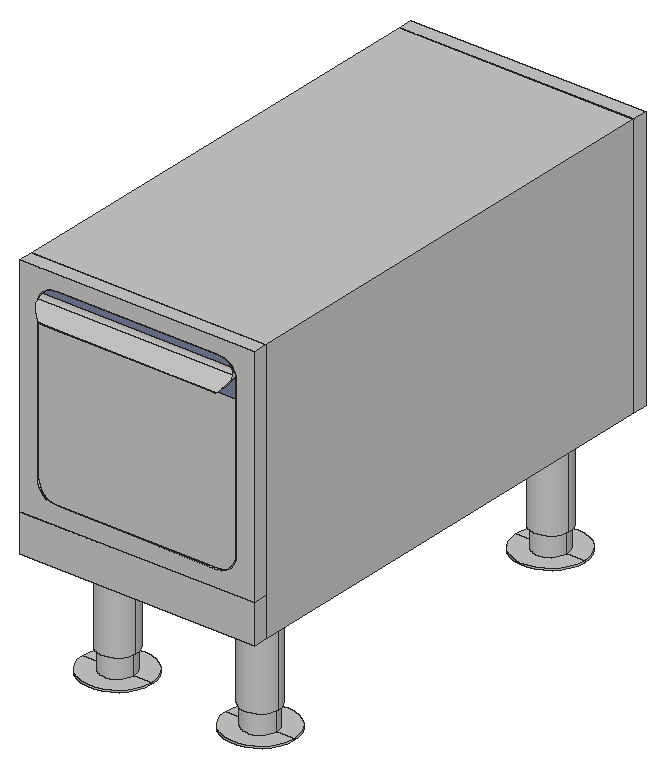
Revit family "QF_ELECTROLUXPROFESSIONAL_589899_MC1ICADOOM", category Attrezzature speciali, Revit 2021
Family settings
  Quota connettore circolare = Usa diametro
  Tipo di parte = Normale
  Basato su piano di lavoro = No
  Sempre verticale = Sì
  Taglio con vuoti quando caricato = No
  Condiviso = No
  Punto di calcolo locali = No
Parameters (values of type "Standard")
  Weight = 22.00 kg
  Watts = 0 W
  Volts = 0 V
  URL Manufacturer = "https://www.electroluxprofessional.com/"
  URL = "https://www.electroluxprofessional.com/"
  Steam Supply Size = 0"
  Steam Supply Minimum Pressure = 0.00 psi
  Steam Supply Maximum Pressure = 0.00 psi
  Steam Consumption per Hour = 0
  Refrigeration Suction Line Size = 0 mm
  Refrigeration Liquid Line Size = 0 mm
  Refrigerant Compressor Remote = yes
  Prospetto di default = 0 mm
  Phase = 0
  Modello = "MC1ICADOOM"
  Produttore = "Electrolux Professional"
  Length Actual = 400 mm  # constant formula
  Item Number = "589899"
  Hot Water Size = 0"
  Height Actual = 450 mm  # constant formula
  HP = "0 HP"
  Gas Size = 0"
  Gas KW = 0
  Gas Input Pressure = 0.0 Btu/h
  Direct Waste Size = 0"
  Descrizione = "CUPBOARD BASE, H3, GN, 1DR, 1SIDE, MARINE FEET, 400X900X450H"
  Depth Actual = 900 mm  # constant formula
  Cycle = 0 Hz
  Condensate Return Size = 0"
  Compressed Air Volume = 0 GPM
  Compressed Air Size = 0"
  Compressed Air Pressure = 0.00 psi
  Cold Water Size = 0"
  Accessory = yes
Reference planes
  plane 1 "BACK": y = 0
  plane 2: z = 0
  plane 3 "LEFT": x = 0
  plane 4 "RIGHT": x = 400
  plane 5 "FRONT": y = -900
  plane 6 "PLAIN": z = 900
  plane 7 "Center (Left/Right)": x = 200
  plane 8 "Center (Front/Back)": y = -450
  plane 9 "TOP": z = 650
  plane 10 "BASE": z = 200
  plane 11: x = 322
  plane 12: x = 78
  plane 13 "Feet_back": y = -150
  plane 14 "Feet_Front": y = -770
  plane 15: x = 0
  plane 16: x = 400
  plane 17: z = 265
  plane 18: y = -45
  plane 19: y = -855
  plane 20: y = -70
  plane 21: y = -880
  plane 22 "ButtonZ": z = 590
  plane 23: z = 427
Forms (mm)
  Extrusion 1, solid, material "QF_Finishes_Stainless Steel"
    sketch origin (0, 0, 650) x (0, 1, 0) y (0, 0, 1)
      loop
        line (-70, -450) -> (-70, 0) -> (-855, 0) -> (-855, -450) -> (-70, -450)
    from 0 to 400
  Extrusion 2, solid, material "QF_Finishes_Stainless Steel"
    sketch origin (0, 0, 650) x (0, 1, 0) y (0, 0, 1)
      loop
        line (-880, -450) -> (-855, -450) -> (-855, -385) -> (-880, -385) -> (-880, -450)
    from 0 to 400
  Extrusion 3, void
    sketch origin (0, -900, 0) x (1, 0, 0) y (0, 0, 1)
      loop
        line (0, 650) -> (0, 265) -> (400, 265) -> (400, 650) -> (0, 650)
    from 0 to -830
  Extrusion 4, solid, material "QF_Finishes_Stainless Steel"
    sketch origin (0, -900, 0) x (1, 0, 0) y (0, 0, 1)
      loop
        line (30, 650) -> (30, 627) -> (370, 627) -> (370, 650) -> (30, 650)
    from -45 to -830
  Extrusion 5, solid, material "QF_Finishes_Stainless Steel"
    sketch origin (0, -900, 0) x (1, 0, 0) y (0, 0, 1)
      loop
        line (0, 650) -> (0, 265) -> (400, 265) -> (400, 650) -> (0, 650)
      loop
        arc (370, 593) -> (360.627, 615.627) -> (338, 625) r 32
        line (338, 625) -> (62, 625)
        arc (62, 625) -> (39.373, 615.627) -> (30, 593) r 32
        line (30, 593) -> (30, 327)
        arc (30, 327) -> (39.373, 304.373) -> (62, 295) r 32
        line (62, 295) -> (338, 295)
        arc (338, 295) -> (360.627, 304.373) -> (370, 327) r 32
        line (370, 327) -> (370, 593)
    from -45 to -830
  Revolve 6, solid, material "QF_Finishes_Stainless Steel"
    sketch origin (396, -770, 0) x (-1, 0, 0) y (0, 0, 1)
      loop
        line (350, 38) -> (350, 200) -> (318, 200) -> (318, 0) -> (376.5, 0) -> (376.5, 3) -> (346, 3) -> (346, 38) -> (350, 38)
      axis (318, 200) -> (318, 0)
    angle from 0 to 360
  Revolve 7, solid, material "QF_Finishes_Stainless Steel"
    sketch origin (640, -770, 0) x (-1, 0, 0) y (0, 0, 1)
      loop
        line (350, 38) -> (350, 200) -> (318, 200) -> (318, 0) -> (376.5, 0) -> (376.5, 3) -> (346, 3) -> (346, 38) -> (350, 38)
      axis (318, 200) -> (318, 0)
    angle from 0 to 360
  Revolve 8, solid, material "QF_Finishes_Stainless Steel"
    sketch origin (396, -150, 0) x (-1, 0, 0) y (0, 0, 1)
      loop
        line (350, 38) -> (350, 200) -> (318, 200) -> (318, 0) -> (376.5, 0) -> (376.5, 3) -> (346, 3) -> (346, 38) -> (350, 38)
      axis (318, 200) -> (318, 0)
    angle from 0 to 360
  Revolve 9, solid, material "QF_Finishes_Stainless Steel"
    sketch origin (640, -150, 0) x (-1, 0, 0) y (0, 0, 1)
      loop
        line (350, 38) -> (350, 200) -> (318, 200) -> (318, 0) -> (376.5, 0) -> (376.5, 3) -> (346, 3) -> (346, 38) -> (350, 38)
      axis (318, 200) -> (318, 0)
    angle from 0 to 360
  Extrusion 10, solid, material "QF_Finishes_Stainless Steel"
    sketch origin (0, -900, 0) x (1, 0, 0) y (0, 0, 1)
      loop
        line (0, 650) -> (0, 265) -> (400, 265) -> (400, 650) -> (0, 650)
      loop
        arc (370, 593) -> (360.627, 615.627) -> (338, 625) r 32
        line (338, 625) -> (62, 625)
        arc (62, 625) -> (39.373, 615.627) -> (30, 593) r 32
        line (30, 593) -> (30, 327)
        arc (30, 327) -> (39.373, 304.373) -> (62, 295) r 32
        line (62, 295) -> (338, 295)
        arc (338, 295) -> (360.627, 304.373) -> (370, 327) r 32
        line (370, 327) -> (370, 593)
    from -45 to -20
  Extrusion 11, solid, material "QF_Finishes_Stainless Steel"
    sketch origin (0, 0, 0) x (1, 0, 0) y (0, 0, 1)
      loop
        line (0, 650) -> (0, 200) -> (400, 200) -> (400, 650) -> (0, 650)
    from 45 to 70
  Extrusion 12, solid, material "QF_Finishes_Stainless Steel"
    sketch origin (0, -450, 0) x (-1, 0, 0) y (0, 0, 1)
      loop
        line (-30, 427) -> (-30, 450) -> (-370, 450) -> (-370, 427) -> (-30, 427)
    from -405 to 380
Cuts and joins
  Extrusion 3 cuts Extrusion 1
  joined: Extrusion 1, Extrusion 4, Extrusion 5
Lines and regions (mm)
  symbolic lines, style "SpecialityEquipmentHiddenLines"
    curve 1: line (0, 0, 0) -> (400, 0, 0)
    curve 2: line (0, -900, 0) -> (0, 0, 0)
    curve 3: line (400, -900, 0) -> (0, -900, 0)
    curve 4: line (400, 0, 0) -> (400, -900, 0)
Dimensions and locks
  plane 3 "LEFT" to plane 4 "RIGHT" = 400 mm
  plane 5 "FRONT" to plane 1 "BACK" = 900 mm
  equal spacing: plane 3 "LEFT", plane 7 "Center (Left/Right)", plane 4 "RIGHT"
  equal spacing: plane 5 "FRONT", plane 8 "Center (Front/Back)", plane 1 "BACK"
  plane 6 "PLAIN" to plane 9 "TOP" = 250 mm
  plane 10 "BASE" to level = 200 mm
  plane 9 "TOP" to plane 10 "BASE" = 450 mm
  locked: plane 1 "BACK" to plane 13 "Feet_back" at 150
  locked: plane 14 "Feet_Front" to plane 5 "FRONT" at 130
  locked: plane 12 to plane 3 "LEFT" at 78
  locked: plane 11 to plane 4 "RIGHT" at 78
  plane 16 to plane 15 = 400 mm
  equal spacing: plane 16, plane 7 "Center (Left/Right)", plane 15
  locked: plane 17 to plane 10 "BASE" at 65
  locked: plane 1 "BACK" to plane 18 at 45
  plane 9 "TOP" to Extrusion 4 sketch curve = 23 mm
  locked: Extrusion 4 sketch curve to plane 15 at 30
  locked: plane 16 to Extrusion 4 sketch curve at 30
  locked: Extrusion 5 sketch curve to plane 17 at 30
  plane 6 "PLAIN" to level = 900 mm
  Extrusion 5 to Extrusion 5 = 340 mm
  locked: plane 18 to plane 20 at 25
  locked: plane 21 to plane 5 "FRONT" at 20
  locked: plane 19 to plane 21 at 25
  plane 18 to plane 21 = 835 mm
  plane 22 "ButtonZ" to level = 590 mm
  plane 23 to plane 17 = 162 mm
  aligned and locked: level to plane 2
  aligned and locked: Extrusion 1 to plane 4 "RIGHT"
  aligned and locked: Extrusion 1 to plane 3 "LEFT"
  aligned and locked: Extrusion 2 to plane 4 "RIGHT"
  aligned and locked: plane 9 "TOP" to Extrusion 3 sketch curve
  aligned and locked: Extrusion 3 sketch curve to plane 15
  aligned and locked: plane 16 to Extrusion 3 sketch curve
  aligned and locked: Extrusion 2 to plane 10 "BASE"
  aligned and locked: Extrusion 2 to plane 17
  aligned and locked: plane 17 to Extrusion 3 sketch curve
  aligned and locked: Extrusion 5 sketch curve to plane 15
  aligned and locked: plane 16 to Extrusion 5 sketch curve
  aligned and locked: plane 9 "TOP" to Extrusion 5 sketch curve
  aligned and locked: plane 17 to Extrusion 5 sketch curve
  aligned and locked: Extrusion 5 sketch curve to Extrusion 4
  aligned and locked: Extrusion 4 to Extrusion 5 sketch curve
  aligned and locked: cut or joined group of Extrusion 1, Extrusion 3, Extrusion 4, Extrusion 5 to Extrusion 4
  aligned and locked: plane 7 "Center (Left/Right)" to nested 1
  aligned and locked: Extrusion 5 to plane 20
  aligned and locked: cut or joined group of Extrusion 1, Extrusion 3, Extrusion 4, Extrusion 5 to plane 20
  aligned and locked: plane 19 to Extrusion 4
  aligned and locked: Extrusion 2 to plane 19
  aligned and locked: plane 21 to Extrusion 2
Automatic sketch dimensions
  curve 3 to plane 3 "LEFT" = 0 mm
  curve 3 to plane 4 "RIGHT" = 0 mm
  plane 5 "FRONT" to curve 3 = 0 mm
  plane 1 "BACK" to curve 2 = 0 mm
  Extrusion 1 sketch curve to plane 10 "BASE" = 0 mm
  Extrusion 1 sketch curve to plane 19 = 0 mm
  Extrusion 1 sketch curve to plane 20 = 0 mm
  Extrusion 1 sketch curve to plane 9 "TOP" = 0 mm
  plane 17 to Extrusion 2 sketch curve = 0 mm
  Extrusion 2 sketch curve to plane 21 = 0 mm
  Extrusion 2 sketch curve to plane 10 "BASE" = 0 mm
  Extrusion 2 sketch curve to plane 19 = 0 mm
  Extrusion 4 sketch curve to plane 9 "TOP" = 0 mm
  Revolve 6 sketch curve to plane 12 = 0 mm  (x2)
  Revolve 6 sketch curve to level = 0 mm
  Revolve 6 sketch curve to plane 10 "BASE" = 0 mm
  Revolve 6 sketch curve to plane 12 = 28 mm
  Revolve 6 sketch curve to Revolve 6 sketch curve = 32 mm
  plane 3 "LEFT" to Revolve 6 sketch curve = 19.5 mm
  level to Revolve 6 sketch curve = 3 mm
  Revolve 6 sketch curve to Revolve 6 sketch curve = 35 mm
  Revolve 6 sketch curve to Revolve 6 sketch curve = 130 mm
  Revolve 6 sketch curve to plane 17 = 115 mm
  Revolve 7 sketch curve to plane 11 = 0 mm  (x2)
  Revolve 7 sketch curve to level = 0 mm
  Revolve 7 sketch curve to plane 10 "BASE" = 0 mm
  Revolve 7 sketch curve to plane 11 = 28 mm
  Revolve 7 sketch curve to Revolve 7 sketch curve = 32 mm
  Revolve 7 sketch curve to Revolve 7 sketch curve = 30.5 mm
  level to Revolve 7 sketch curve = 3 mm
  Revolve 7 sketch curve to Revolve 7 sketch curve = 35 mm
  Revolve 7 sketch curve to Revolve 7 sketch curve = 130 mm
  Revolve 7 sketch curve to plane 17 = 115 mm
  Revolve 8 sketch curve to plane 12 = 0 mm  (x2)
  Revolve 8 sketch curve to level = 0 mm
  Revolve 8 sketch curve to plane 10 "BASE" = 0 mm
  Revolve 8 sketch curve to plane 12 = 28 mm
  Revolve 8 sketch curve to Revolve 8 sketch curve = 32 mm
  plane 3 "LEFT" to Revolve 8 sketch curve = 19.5 mm
  level to Revolve 8 sketch curve = 3 mm
  Revolve 8 sketch curve to Revolve 8 sketch curve = 35 mm
  Revolve 8 sketch curve to Revolve 8 sketch curve = 130 mm
  Revolve 8 sketch curve to plane 17 = 115 mm
  Revolve 9 sketch curve to plane 11 = 0 mm  (x2)
  Revolve 9 sketch curve to level = 0 mm
  Revolve 9 sketch curve to plane 10 "BASE" = 0 mm
  Revolve 9 sketch curve to plane 11 = 28 mm
  Revolve 9 sketch curve to Revolve 9 sketch curve = 32 mm
  Revolve 9 sketch curve to Revolve 9 sketch curve = 30.5 mm
  level to Revolve 9 sketch curve = 3 mm
  Revolve 9 sketch curve to Revolve 9 sketch curve = 35 mm
  Revolve 9 sketch curve to Revolve 9 sketch curve = 130 mm
  Revolve 9 sketch curve to plane 17 = 115 mm
  Extrusion 11 sketch curve to plane 3 "LEFT" = 0 mm
  plane 4 "RIGHT" to Extrusion 11 sketch curve = 0 mm
  Extrusion 11 sketch curve to plane 10 "BASE" = 0 mm
  Extrusion 11 sketch curve to plane 9 "TOP" = 0 mm
  Extrusion 10 sketch curve to plane 3 "LEFT" = 0 mm
  Extrusion 10 sketch curve to plane 17 = 0 mm
  Extrusion 10 sketch curve to plane 12 = 16 mm  (x2)
  plane 22 "ButtonZ" to Extrusion 10 sketch curve = 3 mm  (x2)
  plane 11 to Extrusion 10 sketch curve = 16 mm  (x2)
  Extrusion 10 sketch curve to plane 17 = 30 mm
  plane 4 "RIGHT" to Extrusion 10 sketch curve = 30 mm
  plane 4 "RIGHT" to Extrusion 10 sketch curve = 0 mm
  Extrusion 10 sketch curve to plane 9 "TOP" = 0 mm
  Extrusion 5 sketch curve to plane 12 = 16 mm
  plane 22 "ButtonZ" to Extrusion 5 sketch curve = 3 mm  (x2)
  plane 11 to Extrusion 5 sketch curve = 16 mm  (x2)
  Extrusion 12 sketch curve to plane 23 = 0 mm
  plane 23 to Extrusion 12 sketch curve = 23 mm
  plane 4 "RIGHT" to Extrusion 12 sketch curve = 30 mm
  plane 3 "LEFT" to Extrusion 12 sketch curve = 30 mm
Nested families
  nested 1: "H450H2_1DOOR" at (163.958, -855, 200) x (1, 0, 0) z (0, -1, 0), type "H450H2_1DOOR"
    with Width 340 mm, Show Clearance yes
Definition of nested family "H450H2_1DOOR"
  Parameters (values of type "H450H2_1DOOR")
    Width [instance] = 340 mm
    Show Clearance [instance] = yes
    Model = "727995"
    Height = 450 mm
    Default Elevation = 0 mm
  Reference planes
    plane 1 "Center (Front/Back)": y = 0
    plane 2: z = 0
    plane 3 "Center (Left/Right)": x = 36.042
    plane 4 "panel": z = 25
    plane 5: x = -133.958
    plane 6: x = 206.042
    plane 7: y = 450
    plane 8: z = 340
    plane 9: z = 45
    plane 10: x = -108.958
  Forms (mm)
    Extrusion 1, solid
      sketch origin (0, -919.2, 0) x (1, 0, 0) y (0, 1, 0)
        loop
          line (-980.5, 2119.2) -> (-980.5, -162.846) -> (881.94, -162.846) -> (881.94, 2119.2) -> (-980.5, 2119.2)
      from 0 to -59.546
    Extrusion 2, solid
      sketch origin (0, 0, 0) x (1, 0, 0) y (0, 1, 0)
        loop
          arc (-131.958, 127) -> (-123.171, 105.787) -> (-101.958, 97) r 30
          line (-101.958, 97) -> (174.042, 97)
          arc (174.042, 97) -> (195.255, 105.787) -> (204.042, 127) r 30
          line (204.042, 127) -> (204.042, 368) -> (-131.958, 368) -> (-131.958, 127)
      from 0 to 25
    Extrusion 3, solid
      sketch origin (0, -27, 0) x (1, 0, 0) y (0, 1, 0)
        loop
          line (-131.958, 393) -> (204.042, 393) -> (204.042, 420)
          arc (204.042, 420) -> (195.255, 441.213) -> (174.042, 450) r 30
          line (174.042, 450) -> (-101.958, 450)
          arc (-101.958, 450) -> (-123.171, 441.213) -> (-131.958, 420) r 30
          line (-131.958, 420) -> (-131.958, 393)
      from 0 to 25
    Extrusion 4, solid
      sketch origin (36.042, -27, 0) x (0, 1, 0) y (0, 0, 1)
        loop
          line (426.693, 25) -> (440.02, 25)
          arc (440.02, 25) -> (435.261, 25.775) -> (430.993, 28.02) r 15
          line (430.993, 28.02) -> (406.653, 46.362) -> (403.644, 42.369) -> (426.693, 25)
      from -168 to 168
    Extrusion 5, void
      sketch origin (72.084, 0, 0) x (-1, 0, 0) y (0, -1, 0)
        loop
          line (204.042, -399.693) -> (204.042, -376.644) -> (180.317, -376.644)
          arc (180.317, -376.644) -> (194.048, -385.332) -> (203.528, -398.53) r 42.603
          arc (203.528, -398.53) -> (193.201, -416.086) -> (174.042, -423) r 30
          line (174.042, -423) -> (204.042, -423) -> (204.042, -399.693)
      from 25 to 47.9
    Extrusion 6, void
      sketch origin (0, 0, 0) x (1, 0, 0) y (0, 1, 0)
        loop
          line (204.042, 423) -> (174.042, 423)
          arc (174.042, 423) -> (193.201, 416.086) -> (203.528, 398.53) r 30
          arc (203.528, 398.53) -> (194.048, 385.332) -> (180.317, 376.644) r 42.603
          line (180.317, 376.644) -> (204.042, 376.644) -> (204.042, 423)
      from 25 to 47.9
    Extrusion 7, solid, detail levels coarse
      sketch origin (0, 0, 0) x (1, 0, 0) y (0, 0, 1)
        loop
          line (-133.958, 340) -> (-133.958, 25) -> (206.042, 25)
          arc (206.042, 25) -> (107.107, 241.065) -> (-108.958, 340) r 340.918
          line (-108.958, 340) -> (-133.958, 340)
      from -423 to -97
  Cuts and joins
    Extrusion 5, Extrusion 6 cuts Extrusion 4
    Extrusion 6 cuts Extrusion 3
  Lines and regions (mm)
    symbolic lines
      curve 1: line (-133.958, 0, 340) -> (-133.958, 0, 45)
      curve 2: arc (203.986, 0, 44.931) -> (99.919, 0, 248.045) -> (-108.958, 0, 340) r 340.918
      curve 3: line (-108.958, 0, 45) -> (-108.958, 0, 340)
      curve 4: line (-108.958, 0, 340) -> (-133.958, 0, 340)
  Dimensions and locks
    plane 4 "panel" to level = 25 mm
    "Width": plane 5 to plane 6
    equal spacing: plane 5, plane 3 "Center (Left/Right)", plane 6
    "Height": plane 1 "Center (Front/Back)" to plane 7
    locked: plane 5 to Extrusion 2 sketch curve at 2
    locked: plane 1 "Center (Front/Back)" to Extrusion 2 sketch curve at 97
    plane 7 to Extrusion 2 sketch curve = 82 mm
    locked: Extrusion 2 sketch curve to plane 6 at 2
    "Width": Extrusion 1 to plane 8
    locked: plane 10 to plane 5 at 25
    aligned and locked: plane 2 to Extrusion 1
    aligned and locked: level to Extrusion 1
    aligned and locked: plane 4 "panel" to Extrusion 2
    aligned and locked: plane 4 "panel" to Extrusion 3
    aligned and locked: Extrusion 4 to Extrusion 3
    aligned and locked: Extrusion 3 to Extrusion 4
    aligned and locked: Extrusion 3 to Extrusion 2
    aligned and locked: cut or joined group of Extrusion 4, Extrusion 5, Extrusion 6 to plane 4 "panel"
    aligned and locked: Extrusion 6 sketch curve to Extrusion 2
    aligned and locked: Extrusion 2 to cut or joined group of Extrusion 4, Extrusion 5, Extrusion 6
    aligned and locked: plane 5 to Extrusion 7 sketch curve
    aligned and locked: plane 4 "panel" to Extrusion 7 sketch curve
    aligned and locked: Extrusion 2 to Extrusion 7
  Automatic sketch dimensions
    Extrusion 1 sketch curve to Extrusion 1 sketch curve = 1862.44 mm
    Extrusion 1 sketch curve to Extrusion 1 sketch curve = 2282.046 mm
    Extrusion 4 sketch curve to plane 4 "panel" = 0 mm
    plane 4 "panel" to Extrusion 4 sketch curve = 17.369 mm
    Extrusion 4 sketch curve to plane 7 = 73.356 mm
    plane 4 "panel" to Extrusion 4 sketch curve = 21.362 mm
    Extrusion 4 sketch curve to Extrusion 4 sketch curve = 3.009 mm
    plane 4 "panel" to Extrusion 4 sketch curve = 3.02 mm
    Extrusion 4 sketch curve to Extrusion 4 sketch curve = 9.027 mm
    curve 4 to plane 5 = 0 mm
    curve 3 to plane 8 = 0 mm
    plane 10 to curve 4 = 0 mm
    curve 2 to level = 0 mm
    curve 1 to plane 9 = 0 mm
    curve 3 to plane 9 = 0 mm
    curve 2 to plane 9 = 0.069 mm
    curve 2 to plane 5 = 0 mm
    Extrusion 7 sketch curve to level = 0 mm
    Extrusion 7 sketch curve to plane 5 = 0 mm
    Extrusion 7 sketch curve to plane 8 = 0 mm
    Extrusion 7 sketch curve to plane 6 = 0 mm
    Extrusion 2 sketch curve to plane 10 = 7 mm
    Extrusion 2 sketch curve to Extrusion 2 sketch curve = 30 mm
    Extrusion 3 sketch curve to plane 7 = 27 mm
    Extrusion 3 sketch curve to plane 10 = 7 mm
    plane 5 to Extrusion 3 sketch curve = 2 mm
    Extrusion 3 sketch curve to plane 6 = 2 mm
    Extrusion 3 sketch curve to plane 7 = 57 mm
    Extrusion 3 sketch curve to Extrusion 3 sketch curve = 27 mm
    plane 7 to Extrusion 5 sketch curve = 27 mm
    plane 7 to Extrusion 5 sketch curve = 33.671 mm
    plane 10 to Extrusion 5 sketch curve = 16.221 mm
    plane 10 to Extrusion 5 sketch curve = 7 mm
    plane 10 to Extrusion 5 sketch curve = 0.725 mm
    Extrusion 5 sketch curve to plane 5 = 2 mm
    Extrusion 5 sketch curve to Extrusion 5 sketch curve = 16.356 mm
    Extrusion 5 sketch curve to Extrusion 5 sketch curve = 0.514 mm
    plane 7 to Extrusion 5 sketch curve = 50.307 mm
    Extrusion 6 sketch curve to plane 7 = 27 mm
    Extrusion 6 sketch curve to Extrusion 6 sketch curve = 6.275 mm
    Extrusion 6 sketch curve to Extrusion 6 sketch curve = 9.221 mm
    Extrusion 6 sketch curve to Extrusion 6 sketch curve = 16.356 mm
    Extrusion 6 sketch curve to plane 7 = 33.671 mm
    Extrusion 6 sketch curve to Extrusion 6 sketch curve = 23.329 mm
    Extrusion 6 sketch curve to Extrusion 6 sketch curve = 0.514 mm
